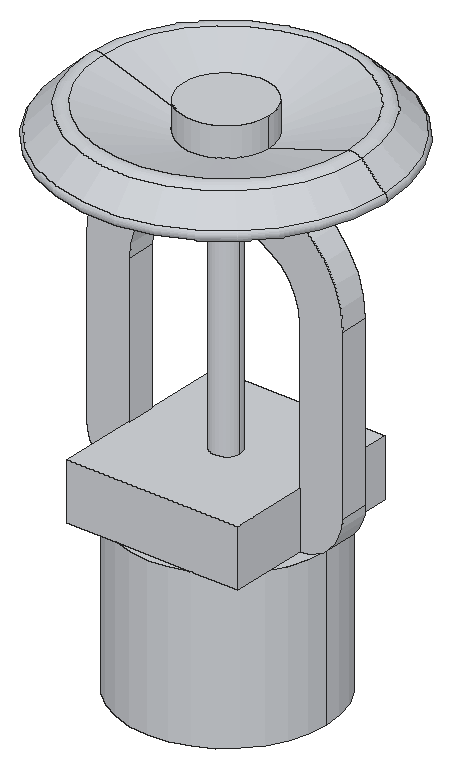
Revit family
Parameters (values of type "RASCO F156 CONVENTIONAL")
  URL = ""
  Temperature Rating = 155 °F
  Response = (empty or 0)
  RASCO SIN # = "RA1325"
  RASCO Part # = "F56C1W"
  Pressure Rating = "175 PSI"
  Pressure Class = (empty or 0)
  Orifice Size = 1/2"
  Orifice = (empty or 0)
  Model = "F156"
  Manufacturer = "RASCO"
  K-Factor = 5.6
  Description = "White Finish"
  Coverage = (empty or 0)
Reference planes (in)
  plane 1 "Center (Front/Back)": y = 0
  plane 2: z = 0
  plane 3 "Center (Left/Right)": x = 0
Nested families (in)
  nested 1: "F56C1W" at (0, 0, 0), type "RASCO F156 CONVENTIONAL"
Connectors (in)
  piping at (0, 0, 0)
    settings: on nested 1, index 1, connector radius 55/128", flow factor 0, pipe flow 0 GPM, pressure drop 0.00 psi, fitting loss kfactor 0, connector angle 0.00°, fixture units 0, flow configuration 0, flow direction 0, fitting loss method 0, system type 7, connector reference index -1, connector utility 0, adjustable connector no, is connector primary yes, fitting loss table "", connector description ""
Definition of nested family "F56C1W"
  Parameters (values of type "RASCO F156 CONVENTIONAL")
    Type Comments = ""
    Temperature Rating = 0 °F
    Response = (empty or 0)
    Pressure Rating = "0"
    Pressure Class = (empty or 0)
    Orifice Size = 0"
    Orifice = (empty or 0)
    Model = ""
    Manufacturer = ""
    K-Factor = 0
    Description = ""
    Coverage = (empty or 0)
    Assembly Code = ""
  Reference planes (in)
    plane 1 "Center (Front/Back)": y = 0
    plane 2: z = 0
    plane 3 "ref.2": z = 0.6875
    plane 4 "ref.3": z = 0.9375
    plane 5: x = -0.38065
    plane 6: x = 0.36935
    plane 7 "ref. side 1": y = 0.06402
    plane 8 "ref. side 2": y = -0.06098
    plane 9 "ref.4": z = 1.875
    plane 10 "ref.5": z = 2.3125
    plane 11 "ref.6": z = 2.4375
  Forms (in)
    Extrusion 1, solid
      sketch origin (0, 0, 0) x (1, 0, 0) y (0, 1, 0)
        loop
          circle (0, 0) r 0.4375
      from 0 to 0.6875
    Extrusion 2, solid
      sketch origin (-0.12185, 0.05177, 0.6875) x (1, 0, 0) y (0, 1, 0)
        loop
          line (-0.2588, 0.356) -> (-0.2588, -0.4565) -> (0.4912, -0.4565) -> (0.4912, 0.356) -> (-0.2588, 0.356)
      from 0 to 0.25
    Extrusion 3, solid
      sketch origin (0, 0, 0) x (1, 0, 0) y (0, 0, 1)
        loop
          line (-0.38065, 0.68754) -> (-0.38065, 1.58397)
          arc (-0.38065, 1.58397) -> (-0.29541, 1.78976) -> (-0.08962, 1.875) r 0.29103
          line (-0.08962, 1.875) -> (0.07524, 1.875)
          arc (0.07524, 1.875) -> (0.28321, 1.78886) -> (0.36935, 1.58089) r 0.29411
          line (0.36935, 1.58089) -> (0.36935, 0.68751)
          arc (0.36935, 0.68751) -> (0.50207, 0.74393) -> (0.55685, 0.87734) r 0.18984
          line (0.55685, 0.87734) -> (0.55685, 1.61676)
          arc (0.55685, 1.61676) -> (0.42629, 1.93194) -> (0.11111, 2.0625) r 0.44574
          line (0.11111, 2.0625) -> (-0.12259, 2.0625)
          arc (-0.12259, 2.0625) -> (-0.43765, 1.932) -> (-0.56815, 1.61694) r 0.44556
          line (-0.56815, 1.61694) -> (-0.56815, 0.87876)
          arc (-0.56815, 0.87876) -> (-0.51345, 0.74486) -> (-0.38065, 0.68754) r 0.19126
      from -0.06402 to 0.06098
    Extrusion 4, solid
      sketch origin (0, 0, 0.9375) x (-1, 0, 0) y (0, -1, 0)
        loop
          circle (0.00574, -0.00152) r 0.0625
      from 0 to 0.9375
    Extrusion 5, solid
      sketch origin (0, 0, 1.875) x (-1, 0, 0) y (0, -1, 0)
        loop
          circle (0.00574, -0.00152) r 0.1875
      from 0 to 0.4375
    Revolve 6, solid
      sketch origin (0, 0, -0.12636) x (1, 0, 0) y (0, 0, 1)
        loop
          line (-0.19416, 2.3128) -> (-0.54448, 2.42662)
          arc (-0.54448, 2.42662) -> (-0.57571, 2.42794) -> (-0.60311, 2.41289) r 0.05815
          line (-0.60311, 2.41289) -> (-0.70574, 2.3125)
          arc (-0.70574, 2.3125) -> (-0.70595, 2.27395) -> (-0.66741, 2.27416) r 0.02711
          line (-0.66741, 2.27416) -> (-0.59165, 2.34992)
          arc (-0.59165, 2.34992) -> (-0.56411, 2.36534) -> (-0.53257, 2.3641) r 0.05815
          line (-0.53257, 2.3641) -> (-0.19416, 2.25415) -> (-0.19416, 2.3128)
        axis (-0.00574, 2.42662) -> (-0.00574, 2.25415)
      angle from 0 to 360
  Cuts and joins
    joined: Extrusion 1, Extrusion 2, Extrusion 4
  Lines and regions (in)
    model lines
      curve 1: line (-0.00574, 0.06402, 1.875) -> (-0.00574, -0.06098, 1.875)
